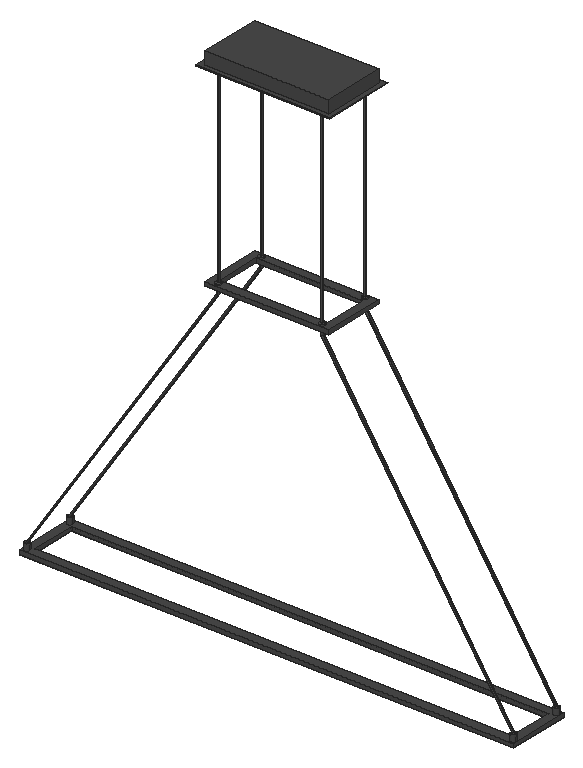
Revit family "3-6055-xx Xani pendant", category Luminarias, Revit 2021
Family settings
  Anfitrión = Techo
  Cota de conector redondo = Diámetro de uso
  Tipo de pieza = Normal
  Número OmniClass = 23.80.70.11
  Título OmniClass = Luminaries for Internal Lighting
  Siempre vertical = Sí
  Corte con vacíos al cargar = No
  Origen de luz = Sí
  Compartido = No
  Punto de cálculo de habitación = No
Parameters (values of type "3-6055-15 / Black - Matte White Acrylic")
  Comentarios de vataje = "30.68 W at 120 V"  # constant formula
  Wattage = 30.68 W
  built-in parameter 1150110 = 1 (stored number, unit not read)
  Voltage Input = "120 V or 277 V - 50/60 Hz"  # constant formula
  Voltage = 277 V
  URL = ""
  built-in parameter 1114217 = 1 (stored number, unit not read)
  Tilt Angle = 90.00°  # constant formula
  built-in parameter 1150109 = 1 (stored number, unit not read)
  built-in parameter 1150134 = (empty or 0)
  built-in parameter 1150113 = 1 (stored number, unit not read)
  References = "Ref. 3 = 120 V / Ref. 37 = 277 V"  # constant formula
  Archivo de red fotométrica = "3-6055-40 Xanni 47 Pendant.ies"
  Modelo = "3-6055-xxx Xani (Pendant)"  # constant formula
  Metal Finish = 15 - Black
  Fabricante = "Oxygen Lighting"  # constant formula
  Main Diffuser = Matte White Acrylic
  Lumens = 1856.14 lm
  built-in parameter 1150115 = 1 (stored number, unit not read)
  built-in parameter 1150105 = 147.71 (stored number, unit not read)
  built-in parameter 1150137 = (empty or 0)
  built-in parameter 1150139 = (empty or 0)
  built-in parameter 1150112 = 1 (stored number, unit not read)
  built-in parameter 1150114 = 1 (stored number, unit not read)
  Lámpara = "LED"  # constant formula
  built-in parameter 1150132 = (empty or 0)
  built-in parameter 1150102 = (empty or 0)
  built-in parameter 1150138 = (empty or 0)
  built-in parameter 1150107 = 3000 (stored number, unit not read)
  built-in parameter 1150106 = 1.4771 (stored number, unit not read)
  built-in parameter 1150104 = 5.6206 (stored number, unit not read)
  Dimming Lamp Color Temperature Shift = (empty or 0)
  Default Elevation = 0.00"
  Color Filter = 16777215
  built-in parameter 1114218 = 1 (stored number, unit not read)
  built-in parameter 1150133 = 10 (stored number, unit not read)
Types (3): name | Wattage | Metal Finish | Lumens | built-in parameter 1150105 | built-in parameter 1150106 | built-in parameter 1150104
  (no name) | 30.68 W | 15 - Black | 1856.14 lm | 147.71 (stored number, unit not read) | 1.4771 (stored number, unit not read) | 5.6206 (stored number, unit not read)
  3-6055-15 / Black - Matte White Acrylic | 30.68 W | 15 - Black | 1856.14 lm | 147.71 (stored number, unit not read) | 1.4771 (stored number, unit not read) | 5.6206 (stored number, unit not read)
  3-6055-40 / Aged Brass - Matte White Acrylic | 26.64 W | 40 - Aged Brass | 1539.79 lm | 122.53 (stored number, unit not read) | 1.2253 (stored number, unit not read) | 5.3698 (stored number, unit not read)
Reference planes (in)
  plane 1 "Light Source Axis (F/B)": y = 0
  plane 2 "Ceiling": z = 96
  plane 3 "Light Source Axis (L/R)": x = 0
  plane 4 "Light Source Elevation": z = 46.53639
  plane 5: z = 46.53639
  plane 6: z = 56.42911
  plane 7: z = 76.21456
  plane 8: z = 86.10728
  plane 9: z = 66.32184
Forms (in)
  Extrusion 1, solid, material "15 - Black" <- "Metal Finish"
    sketch origin (0, 0, 0) x (1, 0, 0) y (0, 0, 1)
      loop
        line (-5.95456, 96) -> (-5.95456, 94.80909) -> (5.95456, 94.80909) -> (5.95456, 96) -> (-5.95456, 96)
    from -2.98098 to 2.98098
  Extrusion 2, solid, material "15 - Black" <- "Metal Finish"
    sketch origin (0, 0, 0) x (1, 0, 0) y (0, 0, 1)
      loop
        line (6.45016, 94.7721) -> (6.45016, 94.8091) -> (-6.45756, 94.8091) -> (-6.45756, 94.7721) -> (6.45016, 94.7721)
    from -3.47657 to 3.47658
  Revolve 3, solid, material "15 - Black" <- "Metal Finish"
    sketch origin (0, 2.57738, 0) x (1, 0, 0) y (0, 0, 1)
      loop
        line (-4.85241, 94.26911) -> (-4.85241, 94.5847)
        arc (-4.85241, 94.5847) -> (-4.77495, 94.68196) -> (-4.66371, 94.73751) r 0.28807
        line (-4.66371, 94.73751) -> (-4.66371, 94.7721) -> (-4.96707, 94.7721) -> (-4.96707, 76.21311) -> (-4.69338, 76.21311) -> (-4.69338, 76.24671)
        arc (-4.69338, 76.24671) -> (-4.7906, 76.29892) -> (-4.8968, 76.32889) r 0.50782
        line (-4.8968, 76.32889) -> (-4.8968, 94.26911) -> (-4.85241, 94.26911)
      axis (-4.96707, 76.21311) -> (-4.96707, 94.7721)
    angle from 0 to 360
  Revolve 4, solid, material "15 - Black" <- "Metal Finish"
    sketch origin (9.93413, 2.57784, 0) x (1, 0, 0) y (0, 0, 1)
      loop
        line (-4.85241, 94.26911) -> (-4.85241, 94.5847)
        arc (-4.85241, 94.5847) -> (-4.77495, 94.68196) -> (-4.66371, 94.73751) r 0.28807
        line (-4.66371, 94.73751) -> (-4.66371, 94.7721) -> (-4.96707, 94.7721) -> (-4.96707, 76.21311) -> (-4.69338, 76.21311) -> (-4.69338, 76.24671)
        arc (-4.69338, 76.24671) -> (-4.7906, 76.29892) -> (-4.8968, 76.32889) r 0.50782
        line (-4.8968, 76.32889) -> (-4.8968, 94.26911) -> (-4.85241, 94.26911)
      axis (-4.96707, 76.21311) -> (-4.96707, 94.7721)
    angle from 0 to 360
  Revolve 5, solid, material "15 - Black" <- "Metal Finish"
    sketch origin (9.93413, -2.57785, 0) x (1, 0, 0) y (0, 0, 1)
      loop
        line (-4.85241, 94.26911) -> (-4.85241, 94.5847)
        arc (-4.85241, 94.5847) -> (-4.77495, 94.68196) -> (-4.66371, 94.73751) r 0.28807
        line (-4.66371, 94.73751) -> (-4.66371, 94.7721) -> (-4.96707, 94.7721) -> (-4.96707, 76.21311) -> (-4.69338, 76.21311) -> (-4.69338, 76.24671)
        arc (-4.69338, 76.24671) -> (-4.7906, 76.29892) -> (-4.8968, 76.32889) r 0.50782
        line (-4.8968, 76.32889) -> (-4.8968, 94.26911) -> (-4.85241, 94.26911)
      axis (-4.96707, 76.21311) -> (-4.96707, 94.7721)
    angle from 0 to 360
  Revolve 6, solid, material "15 - Black" <- "Metal Finish"
    sketch origin (0, -2.57785, 0) x (1, 0, 0) y (0, 0, 1)
      loop
        line (-4.85241, 94.26911) -> (-4.85241, 94.5847)
        arc (-4.85241, 94.5847) -> (-4.77495, 94.68196) -> (-4.66371, 94.73751) r 0.28807
        line (-4.66371, 94.73751) -> (-4.66371, 94.7721) -> (-4.96707, 94.7721) -> (-4.96707, 76.21311) -> (-4.69338, 76.21311) -> (-4.69338, 76.24671)
        arc (-4.69338, 76.24671) -> (-4.7906, 76.29892) -> (-4.8968, 76.32889) r 0.50782
        line (-4.8968, 76.32889) -> (-4.8968, 94.26911) -> (-4.85241, 94.26911)
      axis (-4.96707, 76.21311) -> (-4.96707, 94.7721)
    angle from 0 to 360
  Sweep 7, solid, material "15 - Black" <- "Metal Finish"
    path origin (0, 0, 96) x (1, 0, 0) y (0, 1, 0)
      loop
        line (-5.95456, -2.98098) -> (5.95456, -2.98098) -> (5.95456, 2.98098) -> (-5.95456, 2.98098) -> (-5.95456, -2.98098)
    profile origin (0, -2.98098, 96) x (0, 1, 0) y (0, 0, 1)
      loop
        line (0.79887, -19.79429) -> (0, -19.79429) -> (0, -20.18633) -> (0.79887, -20.18633) -> (0.79887, -19.79429)
  Sweep 8, solid, material "15 - Black" <- "Metal Finish"
    path origin (0, 0, 96) x (1, 0, 0) y (0, 1, 0)
      loop
        line (-23.66661, 2.98098) -> (-23.66661, -2.98098) -> (23.67401, -2.98098) -> (23.67401, 2.98098) -> (-23.66661, 2.98098)
    profile origin (0.0037, 2.98098, 96) x (0, 1, 0) y (0, 0, 1)
      loop
        line (0, -49.0641) -> (-0.79888, -49.0641) -> (-0.79888, -49.46361) -> (0, -49.46361) -> (0, -49.0641)
  Sweep 9, solid, material "Matte White Acrylic" <- "Main Diffuser"
    path origin (0, 0, 0) x (1, 0, 0) y (0, 1, 0)
      loop
        line (-23.66661, 2.98098) -> (-23.66661, -2.98098) -> (23.67401, -2.98098) -> (23.67401, 2.98098) -> (-23.66661, 2.98098)
    profile origin (0.0037, 2.98098, 0) x (0, 1, 0) y (0, 0, 1)
      loop
        line (0, 46.53639) -> (-0.79888, 46.53639)
        arc (-0.79888, 46.53639) -> (-0.39944, 46.33674) -> (0, 46.53639) r 0.4994
  Revolve 10, solid, material "15 - Black" <- "Metal Finish"
    sketch origin (-4.97076, -37.02184, 0) x (0, 1, 0) y (0, 0, 1)
      loop
        line (39.60338, 75.31811) -> (39.60338, 75.8137) -> (39.29853, 75.8137) -> (39.29853, 75.77992)
        arc (39.29853, 75.77992) -> (39.41324, 75.72807) -> (39.48872, 75.62734) r 0.25285
        line (39.48872, 75.62734) -> (39.48872, 75.31811) -> (39.60338, 75.31811)
      axis (39.60338, 75.8137) -> (39.60338, 75.31811)
    angle from 0 to 360
  Revolve 11, solid, material "15 - Black" <- "Metal Finish"
    sketch origin (-4.97076, -42.18123, 0) x (0, 1, 0) y (0, 0, 1)
      loop
        line (39.60338, 75.31811) -> (39.60338, 75.8137) -> (39.29853, 75.8137) -> (39.29853, 75.77992)
        arc (39.29853, 75.77992) -> (39.41324, 75.72807) -> (39.48872, 75.62734) r 0.25285
        line (39.48872, 75.62734) -> (39.48872, 75.31811) -> (39.60338, 75.31811)
      axis (39.60338, 75.8137) -> (39.60338, 75.31811)
    angle from 0 to 360
  Revolve 12, solid, material "15 - Black" <- "Metal Finish"
    sketch origin (4.96707, -37.02184, 0) x (0, 1, 0) y (0, 0, 1)
      loop
        line (39.60338, 75.31811) -> (39.60338, 75.8137) -> (39.29853, 75.8137) -> (39.29853, 75.77992)
        arc (39.29853, 75.77992) -> (39.41324, 75.72807) -> (39.48872, 75.62734) r 0.25285
        line (39.48872, 75.62734) -> (39.48872, 75.31811) -> (39.60338, 75.31811)
      axis (39.60338, 75.8137) -> (39.60338, 75.31811)
    angle from 0 to 360
  Revolve 13, solid, material "15 - Black" <- "Metal Finish"
    sketch origin (4.96707, -42.18123, 0) x (0, 1, 0) y (0, 0, 1)
      loop
        line (39.60338, 75.31811) -> (39.60338, 75.8137) -> (39.29853, 75.8137) -> (39.29853, 75.77992)
        arc (39.29853, 75.77992) -> (39.41324, 75.72807) -> (39.48872, 75.62734) r 0.25285
        line (39.48872, 75.62734) -> (39.48872, 75.31811) -> (39.60338, 75.31811)
      axis (39.60338, 75.8137) -> (39.60338, 75.31811)
    angle from 0 to 360
  Blend 14, solid, material "15 - Black" <- "Metal Finish"
    base sketch origin (0, 0, 0) x (1, 0, 0) y (0, 1, 0)
      loop
        circle (-23.33133, 2.58758) r 0.1
    top sketch origin (0, 0, 0) x (1, 0, 0) y (0, 1, 0)
      loop
        circle (-4.96981, 2.57977) r 0.1
    from 47.49067 to 75.31807
  Blend 15, solid, material "15 - Black" <- "Metal Finish"
    base sketch origin (0, -5.16309, 0) x (1, 0, 0) y (0, 1, 0)
      loop
        circle (-23.33133, 2.58758) r 0.1
    top sketch origin (0, -5.16309, 0) x (1, 0, 0) y (0, 1, 0)
      loop
        circle (-4.96981, 2.57977) r 0.1
    from 47.49067 to 75.31807
  Blend 16, solid, material "15 - Black" <- "Metal Finish"
    base sketch origin (0, 0, 0) x (-1, 0, 0) y (0, -1, 0)
      loop
        circle (-23.33133, -2.58758) r 0.1
    top sketch origin (0, 0, 0) x (-1, 0, 0) y (0, -1, 0)
      loop
        circle (-4.96981, -2.57977) r 0.1
    from 47.49067 to 75.31807
  Blend 17, solid, material "15 - Black" <- "Metal Finish"
    base sketch origin (0, -5.16309, 0) x (-1, 0, 0) y (0, -1, 0)
      loop
        circle (-23.33133, -2.58758) r 0.1
    top sketch origin (0, -5.16309, 0) x (-1, 0, 0) y (0, -1, 0)
      loop
        circle (-4.96981, -2.57977) r 0.1
    from 47.49067 to 75.31807
  Revolve 18, solid, material "15 - Black" <- "Metal Finish"
    sketch origin (46.6453, 2.58154, 0) x (1, 0, 0) y (0, 0, 1)
      loop
        line (-23.06375, 47.49067) -> (-23.32265, 47.49067) -> (-23.32265, 46.9359) -> (-23.06375, 46.9359) -> (-23.06375, 47.49067)
      axis (-23.32265, 47.49067) -> (-23.32265, 46.9359)
    angle from 0 to 360
  Revolve 19, solid, material "15 - Black" <- "Metal Finish"
    sketch origin (46.6453, -2.58155, 0) x (1, 0, 0) y (0, 0, 1)
      loop
        line (-23.06375, 47.49067) -> (-23.32265, 47.49067) -> (-23.32265, 46.9359) -> (-23.06375, 46.9359) -> (-23.06375, 47.49067)
      axis (-23.32265, 47.49067) -> (-23.32265, 46.9359)
    angle from 0 to 360
  Revolve 20, solid, material "15 - Black" <- "Metal Finish"
    sketch origin (0, 2.58154, 0) x (1, 0, 0) y (0, 0, 1)
      loop
        line (-23.06375, 47.49067) -> (-23.32265, 47.49067) -> (-23.32265, 46.9359) -> (-23.06375, 46.9359) -> (-23.06375, 47.49067)
      axis (-23.32265, 47.49067) -> (-23.32265, 46.9359)
    angle from 0 to 360
  Revolve 21, solid, material "15 - Black" <- "Metal Finish"
    sketch origin (0, -2.58155, 0) x (1, 0, 0) y (0, 0, 1)
      loop
        line (-23.06375, 47.49067) -> (-23.32265, 47.49067) -> (-23.32265, 46.9359) -> (-23.06375, 46.9359) -> (-23.06375, 47.49067)
      axis (-23.32265, 47.49067) -> (-23.32265, 46.9359)
    angle from 0 to 360
Dimensions and locks (in)
  equal spacing: host sketch curve, plane 3 "Light Source Axis (L/R)", host sketch curve
  equal spacing: host sketch curve, plane 1 "Light Source Axis (F/B)", host sketch curve
  host sketch curve to host sketch curve = 120.00"  (x2)
  plane 5 to plane 2 "Ceiling" = 49.46361"
  plane 4 "Light Source Elevation" to plane 5 = 0.00"
  equal spacing: plane 2 "Ceiling", plane 8, plane 7, plane 9, plane 6, plane 4 "Light Source Elevation"
  aligned and locked: plane 4 "Light Source Elevation" to imposter light
  aligned and locked: plane 4 "Light Source Elevation" to plane 5
  aligned and locked: imposter light to plane 3 "Light Source Axis (L/R)"
  aligned and locked: imposter light to plane 1 "Light Source Axis (F/B)"
Automatic sketch dimensions
  Extrusion 1 sketch curve to plane 2 "Ceiling" = 0.00"
  Extrusion 1 sketch curve to plane 2 "Ceiling" = 1.19091"
  Extrusion 1 sketch curve to plane 3 "Light Source Axis (L/R)" = 5.95456"
  plane 3 "Light Source Axis (L/R)" to Extrusion 1 sketch curve = 5.95456"
  Extrusion 2 sketch curve to plane 2 "Ceiling" = 1.2279"
  Extrusion 2 sketch curve to plane 3 "Light Source Axis (L/R)" = 6.45756"
  Extrusion 2 sketch curve to plane 2 "Ceiling" = 1.1909"
  plane 3 "Light Source Axis (L/R)" to Extrusion 2 sketch curve = 6.45016"
  Revolve 3 sketch curve to plane 3 "Light Source Axis (L/R)" = 4.98083"
  Revolve 3 sketch curve to Revolve 3 sketch curve = 0.01376"
  Revolve 3 sketch curve to Revolve 3 sketch curve = 0.07027"
  Revolve 3 sketch curve to Revolve 3 sketch curve = 0.11465"
  Revolve 3 sketch curve to Revolve 3 sketch curve = 0.20341"
  Revolve 3 sketch curve to Revolve 3 sketch curve = 0.18871"
  Revolve 3 sketch curve to Revolve 3 sketch curve = 0.25876"
  Revolve 3 sketch curve to plane 2 "Ceiling" = 20.17192"
  Revolve 3 sketch curve to Revolve 3 sketch curve = 0.38503"
  Revolve 3 sketch curve to Revolve 3 sketch curve = 0.0336"
  Revolve 3 sketch curve to plane 2 "Ceiling" = 1.73089"
  Revolve 3 sketch curve to Revolve 3 sketch curve = 0.18898"
  Revolve 3 sketch curve to Revolve 3 sketch curve = 0.12661"
  Revolve 3 sketch curve to Revolve 3 sketch curve = 0.1874"
  Revolve 3 sketch curve to Revolve 3 sketch curve = 0.00"  (x2)
  Revolve 3 sketch curve to Revolve 3 sketch curve = 0.53838"
  plane 3 "Light Source Axis (L/R)" to Revolve 4 sketch curve = 4.9533"
  Revolve 4 sketch curve to Revolve 4 sketch curve = 0.01376"
  Revolve 4 sketch curve to Revolve 4 sketch curve = 0.07027"
  Revolve 4 sketch curve to Revolve 4 sketch curve = 0.11465"
  Revolve 4 sketch curve to Revolve 4 sketch curve = 0.20341"
  Revolve 4 sketch curve to Revolve 4 sketch curve = 0.18871"
  Revolve 4 sketch curve to Revolve 4 sketch curve = 0.25876"
  Revolve 4 sketch curve to plane 2 "Ceiling" = 20.17192"
  Revolve 4 sketch curve to Revolve 4 sketch curve = 0.38503"
  Revolve 4 sketch curve to Revolve 4 sketch curve = 0.0336"
  Revolve 4 sketch curve to plane 2 "Ceiling" = 1.73089"
  Revolve 4 sketch curve to Revolve 4 sketch curve = 0.18898"
  Revolve 4 sketch curve to Revolve 4 sketch curve = 0.12661"
  Revolve 4 sketch curve to Revolve 4 sketch curve = 0.1874"
  Revolve 4 sketch curve to Revolve 4 sketch curve = 0.00"  (x2)
  Revolve 4 sketch curve to Revolve 4 sketch curve = 0.53838"
  plane 3 "Light Source Axis (L/R)" to Revolve 5 sketch curve = 4.9533"
  Revolve 5 sketch curve to Revolve 5 sketch curve = 0.01376"
  Revolve 5 sketch curve to Revolve 5 sketch curve = 0.07027"
  Revolve 5 sketch curve to Revolve 5 sketch curve = 0.11465"
  Revolve 5 sketch curve to Revolve 5 sketch curve = 0.20341"
  Revolve 5 sketch curve to Revolve 5 sketch curve = 0.18871"
  Revolve 5 sketch curve to Revolve 5 sketch curve = 0.25876"
  Revolve 5 sketch curve to plane 2 "Ceiling" = 20.17192"
  Revolve 5 sketch curve to Revolve 5 sketch curve = 0.38503"
  Revolve 5 sketch curve to Revolve 5 sketch curve = 0.0336"
  Revolve 5 sketch curve to plane 2 "Ceiling" = 1.73089"
  Revolve 5 sketch curve to Revolve 5 sketch curve = 0.18898"
  Revolve 5 sketch curve to Revolve 5 sketch curve = 0.12661"
  Revolve 5 sketch curve to Revolve 5 sketch curve = 0.1874"
  Revolve 5 sketch curve to Revolve 5 sketch curve = 0.00"  (x2)
  Revolve 5 sketch curve to Revolve 5 sketch curve = 0.53838"
  Revolve 6 sketch curve to plane 3 "Light Source Axis (L/R)" = 4.98083"
  Revolve 6 sketch curve to Revolve 6 sketch curve = 0.01376"
  Revolve 6 sketch curve to Revolve 6 sketch curve = 0.07027"
  Revolve 6 sketch curve to Revolve 6 sketch curve = 0.11465"
  Revolve 6 sketch curve to Revolve 6 sketch curve = 0.20341"
  Revolve 6 sketch curve to Revolve 6 sketch curve = 0.18871"
  Revolve 6 sketch curve to Revolve 6 sketch curve = 0.25876"
  Revolve 6 sketch curve to plane 2 "Ceiling" = 20.17192"
  Revolve 6 sketch curve to Revolve 6 sketch curve = 0.38503"
  Revolve 6 sketch curve to Revolve 6 sketch curve = 0.0336"
  Revolve 6 sketch curve to plane 2 "Ceiling" = 1.73089"
  Revolve 6 sketch curve to Revolve 6 sketch curve = 0.18898"
  Revolve 6 sketch curve to Revolve 6 sketch curve = 0.12661"
  Revolve 6 sketch curve to Revolve 6 sketch curve = 0.1874"
  Revolve 6 sketch curve to Revolve 6 sketch curve = 0.00"  (x2)
  Revolve 6 sketch curve to Revolve 6 sketch curve = 0.53838"
  Sweep 7 sketch curve to plane 3 "Light Source Axis (L/R)" = 5.95456"
  plane 3 "Light Source Axis (L/R)" to Sweep 7 sketch curve = 5.95456"
  plane 1 "Light Source Axis (F/B)" to Sweep 7 sketch curve = 2.98098"
  Sweep 7 sketch curve to plane 1 "Light Source Axis (F/B)" = 2.98098"
  Sweep 7 sketch curve to profile plane = 0.00"
  Sweep 7 sketch curve to Sweep 7 sketch curve = 0.79887"
  Sweep 7 sketch curve to plane 2 "Ceiling" = 20.18633"
  Sweep 7 sketch curve to Sweep 7 sketch curve = 0.39204"
  plane 1 "Light Source Axis (F/B)" to Sweep 8 sketch curve = 2.98098"
  Sweep 8 sketch curve to plane 3 "Light Source Axis (L/R)" = 23.66661"
  plane 3 "Light Source Axis (L/R)" to Sweep 8 sketch curve = 23.67401"
  Sweep 8 sketch curve to plane 1 "Light Source Axis (F/B)" = 2.98098"
  profile plane to Sweep 8 sketch curve = 0.79888"
  Sweep 8 sketch curve to profile plane = 0.00"
  Sweep 8 sketch curve to plane 2 "Ceiling" = 49.46361"
  Sweep 8 sketch curve to Sweep 8 sketch curve = 0.3995"
  plane 1 "Light Source Axis (F/B)" to Sweep 9 sketch curve = 2.98098"
  Sweep 9 sketch curve to plane 3 "Light Source Axis (L/R)" = 23.66661"
  plane 3 "Light Source Axis (L/R)" to Sweep 9 sketch curve = 23.67401"
  Sweep 9 sketch curve to plane 1 "Light Source Axis (F/B)" = 2.98098"
  Sweep 9 sketch curve to profile plane = 0.00"
  profile plane to Sweep 9 sketch curve = 0.39944"
  level to Sweep 9 sketch curve = 46.53639"
  Sweep 9 sketch curve to Sweep 9 sketch curve = 0.29975"
  Revolve 10 sketch curve to plane 1 "Light Source Axis (F/B)" = 2.23317"
  Revolve 10 sketch curve to Revolve 10 sketch curve = 0.04353"
  Revolve 10 sketch curve to Revolve 10 sketch curve = 0.23372"
  Revolve 10 sketch curve to Revolve 10 sketch curve = 0.11466"
  Revolve 10 sketch curve to plane 2 "Ceiling" = 20.68189"
  Revolve 10 sketch curve to Revolve 10 sketch curve = 0.21273"
  Revolve 10 sketch curve to Revolve 10 sketch curve = 0.0965"
  Revolve 10 sketch curve to Revolve 10 sketch curve = 0.03378"
  Revolve 10 sketch curve to Revolve 10 sketch curve = 0.00"  (x2)
  Revolve 10 sketch curve to Revolve 10 sketch curve = 0.59156"
  plane 1 "Light Source Axis (F/B)" to Revolve 11 sketch curve = 2.92622"
  Revolve 11 sketch curve to Revolve 11 sketch curve = 0.04353"
  Revolve 11 sketch curve to Revolve 11 sketch curve = 0.23372"
  Revolve 11 sketch curve to Revolve 11 sketch curve = 0.11466"
  Revolve 11 sketch curve to plane 2 "Ceiling" = 20.68189"
  Revolve 11 sketch curve to Revolve 11 sketch curve = 0.21273"
  Revolve 11 sketch curve to Revolve 11 sketch curve = 0.0965"
  Revolve 11 sketch curve to Revolve 11 sketch curve = 0.03378"
  Revolve 11 sketch curve to Revolve 11 sketch curve = 0.00"  (x2)
  Revolve 11 sketch curve to Revolve 11 sketch curve = 0.59156"
  Revolve 12 sketch curve to plane 1 "Light Source Axis (F/B)" = 2.23317"
  Revolve 12 sketch curve to Revolve 12 sketch curve = 0.04353"
  Revolve 12 sketch curve to Revolve 12 sketch curve = 0.23372"
  Revolve 12 sketch curve to Revolve 12 sketch curve = 0.11466"
  Revolve 12 sketch curve to plane 2 "Ceiling" = 20.68189"
  Revolve 12 sketch curve to Revolve 12 sketch curve = 0.21273"
  Revolve 12 sketch curve to Revolve 12 sketch curve = 0.0965"
  Revolve 12 sketch curve to Revolve 12 sketch curve = 0.03378"
  Revolve 12 sketch curve to Revolve 12 sketch curve = 0.00"  (x2)
  Revolve 12 sketch curve to Revolve 12 sketch curve = 0.59156"
  plane 1 "Light Source Axis (F/B)" to Revolve 13 sketch curve = 2.92622"
  Revolve 13 sketch curve to Revolve 13 sketch curve = 0.04353"
  Revolve 13 sketch curve to Revolve 13 sketch curve = 0.23372"
  Revolve 13 sketch curve to Revolve 13 sketch curve = 0.11466"
  Revolve 13 sketch curve to plane 2 "Ceiling" = 20.68189"
  Revolve 13 sketch curve to Revolve 13 sketch curve = 0.21273"
  Revolve 13 sketch curve to Revolve 13 sketch curve = 0.0965"
  Revolve 13 sketch curve to Revolve 13 sketch curve = 0.03378"
  Revolve 13 sketch curve to Revolve 13 sketch curve = 0.00"  (x2)
  Revolve 13 sketch curve to Revolve 13 sketch curve = 0.59156"
  Blend 14 sketch curve to plane 1 "Light Source Axis (F/B)" = 2.58758"
  Blend 14 sketch curve to plane 3 "Light Source Axis (L/R)" = 23.33133"
  Blend 14 sketch curve to plane 3 "Light Source Axis (L/R)" = 4.96981"
  Blend 14 sketch curve to plane 1 "Light Source Axis (F/B)" = 2.57977"
  plane 1 "Light Source Axis (F/B)" to Blend 15 sketch curve = 2.5755"
  Blend 15 sketch curve to plane 3 "Light Source Axis (L/R)" = 23.33133"
  Blend 15 sketch curve to plane 3 "Light Source Axis (L/R)" = 4.96981"
  plane 1 "Light Source Axis (F/B)" to Blend 15 sketch curve = 2.58331"
  Blend 16 sketch curve to plane 1 "Light Source Axis (F/B)" = 2.58758"
  plane 3 "Light Source Axis (L/R)" to Blend 16 sketch curve = 23.33133"
  plane 3 "Light Source Axis (L/R)" to Blend 16 sketch curve = 4.96981"
  Blend 16 sketch curve to plane 1 "Light Source Axis (F/B)" = 2.57977"
  plane 1 "Light Source Axis (F/B)" to Blend 17 sketch curve = 2.5755"
  plane 3 "Light Source Axis (L/R)" to Blend 17 sketch curve = 23.33133"
  plane 3 "Light Source Axis (L/R)" to Blend 17 sketch curve = 4.96981"
  plane 1 "Light Source Axis (F/B)" to Blend 17 sketch curve = 2.58331"
  Revolve 18 sketch curve to plane 4 "Light Source Elevation" = 0.95428"
  plane 3 "Light Source Axis (L/R)" to Revolve 18 sketch curve = 23.32265"
  Revolve 18 sketch curve to Revolve 18 sketch curve = 0.25889"
  Revolve 18 sketch curve to plane 4 "Light Source Elevation" = 0.3995"
  Revolve 18 sketch curve to Revolve 18 sketch curve = 0.00"  (x2)
  Revolve 18 sketch curve to plane 4 "Light Source Elevation" = 0.14271"
  Revolve 19 sketch curve to plane 4 "Light Source Elevation" = 0.95428"
  plane 3 "Light Source Axis (L/R)" to Revolve 19 sketch curve = 23.32265"
  Revolve 19 sketch curve to Revolve 19 sketch curve = 0.25889"
  Revolve 19 sketch curve to plane 4 "Light Source Elevation" = 0.3995"
  Revolve 19 sketch curve to Revolve 19 sketch curve = 0.00"  (x2)
  Revolve 19 sketch curve to plane 4 "Light Source Elevation" = 0.14271"
  Revolve 20 sketch curve to plane 4 "Light Source Elevation" = 0.95428"
  Revolve 20 sketch curve to plane 3 "Light Source Axis (L/R)" = 23.32265"
  Revolve 20 sketch curve to Revolve 20 sketch curve = 0.25889"
  Revolve 20 sketch curve to plane 4 "Light Source Elevation" = 0.3995"
  Revolve 20 sketch curve to Revolve 20 sketch curve = 0.00"  (x2)
  Revolve 20 sketch curve to plane 4 "Light Source Elevation" = 0.14271"
  Revolve 21 sketch curve to plane 4 "Light Source Elevation" = 0.95428"
  Revolve 21 sketch curve to plane 3 "Light Source Axis (L/R)" = 23.32265"
  Revolve 21 sketch curve to Revolve 21 sketch curve = 0.25889"
  Revolve 21 sketch curve to plane 4 "Light Source Elevation" = 0.3995"
  Revolve 21 sketch curve to Revolve 21 sketch curve = 0.00"  (x2)
  Revolve 21 sketch curve to plane 4 "Light Source Elevation" = 0.14271"
  radius of Blend 14 sketch curve = 0.10"  (x2)
  radius of Blend 15 sketch curve = 0.10"  (x2)
  radius of Blend 16 sketch curve = 0.10"  (x2)
  radius of Blend 17 sketch curve = 0.10"  (x2)
Connectors (in)
  electrical at (0, 0, 96), driven by "Voltage"
    settings: on host ceiling, index 1, voltage 277 V, apparent load 0 VA, apparent load phase1 0 VA, apparent load phase2 0 VA, apparent load phase3 0 VA, power factor 1, load classification "Other", number of poles 1, system type 31, power factor state 1, is connector primary yes, connector utility no, sub classification motor no, connector description ""
